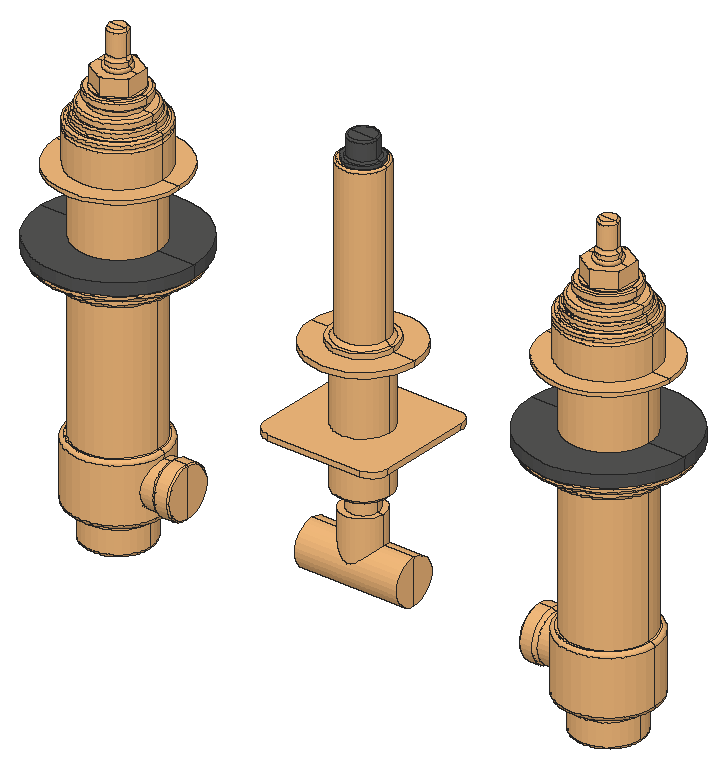
Revit family "Bath-Valves_and_Controls-KOHLER-K-301", category Plumbing Fixtures, host Face, Revit 2015 (continued)
Definition of nested family "K-301"
  Automatic sketch dimensions
    curve 88 to curve 87 = 0.09"
    curve 89 to curve 88 = 0.27"
    curve 90 to curve 89 = 0.7475"
    curve 91 to curve 89 = 0.7475"
    curve 90 to curve 90 = 0.09"
    curve 91 to curve 91 = 0.09"
    curve 92 to curve 91 = 1.474"
    level to curve 93 = 0.52061"
    curve 83 to curve 82 = 0.52322"
    curve 82 to curve 81 = 0.05672"
    curve 81 to curve 80 = 0.20956"
    curve 80 to curve 79 = 0.117"
    curve 79 to curve 78 = 0.078"
    curve 78 to curve 68 = 0.14"
    curve 72 to curve 96 = 0.01263"
    curve 74 to curve 97 = 0.07224"
    curve 95 to curve 65 = 0.01867"
    curve 97 to curve 94 = 0.04"
    curve 61 to curve 61 = 0.21261"
    curve 62 to curve 62 = 0.21261"
    level to Revolve 1 sketch curve = 0.00025"
    plane 5 to Revolve 1 sketch curve = 0"  (x2)
    Revolve 1 sketch curve to Revolve 1 sketch curve = 1/8"
    Revolve 1 sketch curve to Revolve 1 sketch curve = 0.02491"
    Revolve 1 sketch curve to Revolve 1 sketch curve = 0.01379"
    Revolve 1 sketch curve to Revolve 1 sketch curve = 0.00997"
    Revolve 1 sketch curve to Revolve 1 sketch curve = 1/256"
    Revolve 1 sketch curve to Revolve 1 sketch curve = 0.00985"
    plane 5 to Revolve 1 sketch curve = 0.29726"
    Revolve 1 sketch curve to Revolve 1 sketch curve = 0.16994"
    Revolve 1 sketch curve to Revolve 1 sketch curve = 0.02545"
    Revolve 1 sketch curve to Revolve 1 sketch curve = 0.03324"
    Revolve 1 sketch curve to Revolve 1 sketch curve = 0.03102"
    Revolve 1 sketch curve to Revolve 1 sketch curve = 0.06426"
    Revolve 1 sketch curve to Revolve 1 sketch curve = 0.02255"  (x3)
    Revolve 1 sketch curve to Revolve 1 sketch curve = 0.21085"
    Revolve 1 sketch curve to Revolve 1 sketch curve = 0.02145"
    Revolve 1 sketch curve to Revolve 1 sketch curve = 0.08718"
    Revolve 1 sketch curve to Revolve 1 sketch curve = 0.03419"
    Revolve 1 sketch curve to Revolve 1 sketch curve = 0.03338"
    Revolve 1 sketch curve to Revolve 1 sketch curve = 0.02339"
    Revolve 1 sketch curve to Revolve 1 sketch curve = 0.02455"
    Revolve 1 sketch curve to Revolve 1 sketch curve = 0.00272"
    plane 5 to Revolve 1 sketch curve = 0.65316"
    Revolve 1 sketch curve to Revolve 1 sketch curve = 0.13608"
    Revolve 1 sketch curve to Revolve 1 sketch curve = 0.03779"
    Revolve 1 sketch curve to Revolve 1 sketch curve = 0.04182"
    Revolve 1 sketch curve to Revolve 1 sketch curve = 0.02825"
    Revolve 1 sketch curve to Revolve 1 sketch curve = 0.07252"
    Revolve 1 sketch curve to Revolve 1 sketch curve = 0"  (x2)
    Revolve 1 sketch curve to Revolve 1 sketch curve = 0.01099"
    Revolve 1 sketch curve to Revolve 1 sketch curve = 0.05613"
    Revolve 1 sketch curve to Revolve 1 sketch curve = 0.16387"
    Revolve 1 sketch curve to Revolve 1 sketch curve = 0.02615"
    Revolve 1 sketch curve to Revolve 1 sketch curve = 0.02519"
    Revolve 1 sketch curve to Revolve 1 sketch curve = 0.275"
    Revolve 1 sketch curve to Revolve 1 sketch curve = 0.19707"
    Revolve 1 sketch curve to Revolve 1 sketch curve = 0.09352"
    Revolve 1 sketch curve to Revolve 1 sketch curve = 0.00137"
    Revolve 1 sketch curve to Revolve 1 sketch curve = 0.02196"
    Revolve 1 sketch curve to Revolve 1 sketch curve = 0.04274"
    Revolve 1 sketch curve to Revolve 1 sketch curve = 0.3643"
    Revolve 1 sketch curve to Revolve 1 sketch curve = 0.19012"
    Revolve 1 sketch curve to Revolve 1 sketch curve = 0.87081"
    Revolve 1 sketch curve to Revolve 1 sketch curve = 0.21866"
    Revolve 1 sketch curve to Revolve 1 sketch curve = 0.04746"
    Revolve 1 sketch curve to Revolve 1 sketch curve = 0.039"
    Revolve 1 sketch curve to Revolve 1 sketch curve = 0.06"
    Revolve 1 sketch curve to Revolve 1 sketch curve = 0.52322"
    Revolve 1 sketch curve to Revolve 1 sketch curve = 0.02836"
    Revolve 1 sketch curve to Revolve 1 sketch curve = 0.05813"
    Revolve 1 sketch curve to Revolve 1 sketch curve = 0.07006"
    Revolve 1 sketch curve to Revolve 1 sketch curve = 0.08281"
    Revolve 1 sketch curve to Revolve 1 sketch curve = 0.078"
    Revolve 1 sketch curve to Revolve 1 sketch curve = 0.11745"
    Revolve 1 sketch curve to Revolve 1 sketch curve = 0.24955"
    Revolve 1 sketch curve to Revolve 1 sketch curve = 0.02912"
    Revolve 1 sketch curve to Revolve 1 sketch curve = 0.0713"
    Revolve 1 sketch curve to Revolve 1 sketch curve = 0.03996"
    Revolve 1 sketch curve to Revolve 1 sketch curve = 0.35019"
    Revolve 1 sketch curve to Revolve 1 sketch curve = 0.04314"
    Revolve 1 sketch curve to Revolve 1 sketch curve = 0.13665"
    Revolve 2 sketch curve to plane 3 "Center (Left/Right)" = 0"  (x2)
    plane 3 "Center (Left/Right)" to Revolve 2 sketch curve = 0.23606"
    Revolve 2 sketch curve to Revolve 2 sketch curve = 0.34575"
    Revolve 2 sketch curve to Revolve 2 sketch curve = 0.0966"
    Revolve 2 sketch curve to Revolve 2 sketch curve = 0.15483"
    plane 3 "Center (Left/Right)" to Revolve 2 sketch curve = 0.43445"
    Revolve 2 sketch curve to Revolve 2 sketch curve = 0"
    Revolve 2 sketch curve to Revolve 2 sketch curve = 0.06016"  (x2)
    Revolve 2 sketch curve to Revolve 2 sketch curve = 0.06484"
    Revolve 2 sketch curve to Revolve 2 sketch curve = 0.17927"
    Revolve 2 sketch curve to Revolve 2 sketch curve = 0.345"
    Revolve 2 sketch curve to Revolve 2 sketch curve = 1.20134"
    Revolve 2 sketch curve to Revolve 2 sketch curve = 0.2388"
    Revolve 2 sketch curve to Revolve 2 sketch curve = 0.59264"
    Revolve 2 sketch curve to Revolve 2 sketch curve = 0.04356"
    Revolve 2 sketch curve to Revolve 2 sketch curve = 0.264"
    Revolve 2 sketch curve to Revolve 2 sketch curve = 0.78746"
    Revolve 2 sketch curve to Revolve 2 sketch curve = 0.22104"
    Revolve 2 sketch curve to Revolve 2 sketch curve = 0.35"
    Revolve 3 sketch curve to plane 5 = 0.53248"
    Revolve 3 sketch curve to Revolve 3 sketch curve = 0.33232"  (x2)
    Revolve 3 sketch curve to Revolve 3 sketch curve = 0.05519"  (x2)
    Revolve 3 sketch curve to Revolve 3 sketch curve = 25/128"  (x2)
    Revolve 3 sketch curve to Revolve 3 sketch curve = 0.0247"  (x2)
    Revolve 3 sketch curve to plane 3 "Center (Left/Right)" = 0.83"
    plane 3 "Center (Left/Right)" to Revolve 3 sketch curve = 0.83"
    Revolve 3 sketch curve to plane 4 = 1.14"
    level to Revolve 3 sketch curve = 1.036"
    Revolve 3 sketch curve to Revolve 3 sketch curve = 3/8"  (x2)
    Revolve 3 sketch curve to Revolve 3 sketch curve = 0.385"
    Revolve 3 sketch curve to Revolve 3 sketch curve = 0.02"  (x2)
    Revolve 3 sketch curve to Revolve 3 sketch curve = 0"  (x3)
    Extrusion 4 sketch curve to plane 3 "Center (Left/Right)" = 1"
    Extrusion 4 sketch curve to Extrusion 4 sketch curve = 1/4"  (x3)
    Extrusion 4 sketch curve to plane 7 = 1/4"
    Extrusion 4 sketch curve to plane 7 = 1/2"
    plane 3 "Center (Left/Right)" to Extrusion 4 sketch curve = 3/4"
    Extrusion 4 sketch curve to plane 6 = 1/2"
    plane 1 "Center (Front/Back)" to Extrusion 5 sketch curve = 0"  (x2)
    Extrusion 5 sketch curve to plane 5 = 0"  (x3)
    Extrusion 5 sketch curve to plane 4 = 0"  (x3)
    plane 5 to Extrusion 5 sketch curve = 0.3225"
    Extrusion 5 sketch curve to plane 5 = 0.3225"
    Extrusion 5 sketch curve to plane 4 = 0.3225"
    plane 4 to Extrusion 5 sketch curve = 0.3225"
    plane 1 "Center (Front/Back)" to Extrusion 5 sketch curve = 0.1862"  (x4)
    Extrusion 5 sketch curve to Extrusion 5 sketch curve = 0.37239"  (x2)
    Extrusion 5 sketch curve to plane 1 "Center (Front/Back)" = 0.1862"  (x4)
    Extrusion 5 sketch curve to Extrusion 5 sketch curve = 0.1862"  (x2)
    plane 5 to Revolve 6 sketch curve = 0"  (x2)
    plane 5 to Revolve 6 sketch curve = 1 1/4"
    Revolve 6 sketch curve to Revolve 6 sketch curve = 0"  (x2)
    Revolve 7 sketch curve to plane 4 = 0"  (x2)
    Revolve 7 sketch curve to plane 4 = 1 1/4"
    Revolve 7 sketch curve to Revolve 7 sketch curve = 0.19"  (x2)
    Revolve 8 sketch curve to level = 0.00025"
    Revolve 8 sketch curve to plane 4 = 0"  (x2)
    Revolve 8 sketch curve to plane 4 = 1/8"
    Revolve 8 sketch curve to Revolve 8 sketch curve = 0.02491"
    Revolve 8 sketch curve to Revolve 8 sketch curve = 0.01379"
    Revolve 8 sketch curve to Revolve 8 sketch curve = 0.00997"
    Revolve 8 sketch curve to Revolve 8 sketch curve = 1/256"
    Revolve 8 sketch curve to Revolve 8 sketch curve = 0.00985"
    Revolve 8 sketch curve to plane 4 = 0.27476"
    Revolve 8 sketch curve to Revolve 8 sketch curve = 0.16994"
    Revolve 8 sketch curve to Revolve 8 sketch curve = 0.02545"
    Revolve 8 sketch curve to Revolve 8 sketch curve = 0.03324"
    Revolve 8 sketch curve to Revolve 8 sketch curve = 0.06426"
    Revolve 8 sketch curve to Revolve 8 sketch curve = 0.03102"
    Revolve 8 sketch curve to Revolve 8 sketch curve = 0.02255"  (x3)
    Revolve 8 sketch curve to level = 0.0217"
    Revolve 8 sketch curve to Revolve 8 sketch curve = 0.23335"
    Revolve 8 sketch curve to Revolve 8 sketch curve = 0.1182"
    Revolve 8 sketch curve to Revolve 8 sketch curve = 0.03419"
    Revolve 8 sketch curve to Revolve 8 sketch curve = 0.03338"
    Revolve 8 sketch curve to Revolve 8 sketch curve = 0.02339"
    Revolve 8 sketch curve to Revolve 8 sketch curve = 0.02455"
    Revolve 8 sketch curve to plane 4 = 0.65248"
    Revolve 8 sketch curve to Revolve 8 sketch curve = 0.00069"
    Revolve 8 sketch curve to Revolve 8 sketch curve = 0.13608"
    Revolve 8 sketch curve to Revolve 8 sketch curve = 0.03779"
    Revolve 8 sketch curve to Revolve 8 sketch curve = 0.04182"
    Revolve 8 sketch curve to Revolve 8 sketch curve = 0.02825"
    Revolve 8 sketch curve to Revolve 8 sketch curve = 0.03343"
    Revolve 8 sketch curve to Revolve 8 sketch curve = 0"  (x2)
    Revolve 8 sketch curve to Revolve 8 sketch curve = 0.01099"
    Revolve 8 sketch curve to Revolve 8 sketch curve = 0.05613"
    Revolve 8 sketch curve to Revolve 8 sketch curve = 0.16387"
    Revolve 8 sketch curve to Revolve 8 sketch curve = 0.02615"
    Revolve 8 sketch curve to Revolve 8 sketch curve = 0.02519"
    Revolve 8 sketch curve to Revolve 8 sketch curve = 0.275"
    Revolve 8 sketch curve to Revolve 8 sketch curve = 0.19707"
    Revolve 8 sketch curve to Revolve 8 sketch curve = 0.09352"
    Revolve 8 sketch curve to Revolve 8 sketch curve = 0.00137"
    Revolve 8 sketch curve to Revolve 8 sketch curve = 0.02059"
    Revolve 8 sketch curve to Revolve 8 sketch curve = 0.0429"
    Revolve 8 sketch curve to Revolve 8 sketch curve = 0.3643"
    Revolve 8 sketch curve to Revolve 8 sketch curve = 0.19012"
    Revolve 8 sketch curve to Revolve 8 sketch curve = 0.87081"
    Revolve 8 sketch curve to Revolve 8 sketch curve = 0.399"
    Revolve 8 sketch curve to Revolve 8 sketch curve = 0.21866"
    Revolve 8 sketch curve to Revolve 8 sketch curve = 0.04746"
    Revolve 8 sketch curve to Revolve 8 sketch curve = 0.52322"
    Revolve 8 sketch curve to Revolve 8 sketch curve = 0.02836"
    Revolve 8 sketch curve to Revolve 8 sketch curve = 0.05813"
    Revolve 8 sketch curve to Revolve 8 sketch curve = 0.07006"
    Revolve 8 sketch curve to Revolve 8 sketch curve = 0.08281"
    Revolve 8 sketch curve to Revolve 8 sketch curve = 0.078"
    Revolve 8 sketch curve to Revolve 8 sketch curve = 0.11745"
    Revolve 8 sketch curve to Revolve 8 sketch curve = 0.24955"
    Revolve 8 sketch curve to Revolve 8 sketch curve = 0.02912"
    Revolve 8 sketch curve to Revolve 8 sketch curve = 0.0713"
    Revolve 8 sketch curve to Revolve 8 sketch curve = 0.03996"
    Revolve 8 sketch curve to Revolve 8 sketch curve = 0.35019"
    Revolve 8 sketch curve to Revolve 8 sketch curve = 0.04314"
    Revolve 8 sketch curve to Revolve 8 sketch curve = 0.13665"
    level to Masking region 1 sketch curve = 0.00025"  (x2)
    Masking region 1 sketch curve to plane 3 "Center (Left/Right)" = 0"
    Masking region 1 sketch curve to plane 3 "Center (Left/Right)" = 0.19626"
    Masking region 1 sketch curve to Masking region 1 sketch curve = 0.02313"  (x2)
    Masking region 1 sketch curve to plane 3 "Center (Left/Right)" = 0.22392"
    Masking region 1 sketch curve to Masking region 1 sketch curve = 0.02849"  (x2)
    Masking region 1 sketch curve to Masking region 1 sketch curve = 0.05259"  (x2)
    Masking region 1 sketch curve to plane 3 "Center (Left/Right)" = 0.31418"
    Masking region 1 sketch curve to Masking region 1 sketch curve = 0.04075"  (x2)
    Masking region 1 sketch curve to plane 3 "Center (Left/Right)" = 0.36"
    Masking region 1 sketch curve to plane 3 "Center (Left/Right)" = 3/8"
    Masking region 1 sketch curve to Masking region 1 sketch curve = 0.07671"  (x2)
    Masking region 1 sketch curve to Masking region 1 sketch curve = 0.05945"  (x2)
    Masking region 1 sketch curve to Masking region 1 sketch curve = 0"  (x6)
    Masking region 1 sketch curve to Masking region 1 sketch curve = 0.06016"  (x4)
    Masking region 1 sketch curve to Masking region 1 sketch curve = 0.06484"  (x2)
    Masking region 1 sketch curve to Masking region 1 sketch curve = 0.17927"  (x2)
    Masking region 1 sketch curve to Masking region 1 sketch curve = 0.47"  (x2)
    Masking region 1 sketch curve to Masking region 1 sketch curve = 0.345"  (x2)
    Masking region 1 sketch curve to Masking region 1 sketch curve = 0.38628"  (x2)
    Masking region 1 sketch curve to Masking region 1 sketch curve = 0.06909"  (x4)
    Masking region 1 sketch curve to Masking region 1 sketch curve = 0.02059"  (x2)
    Masking region 1 sketch curve to Masking region 1 sketch curve = 0.02196"  (x4)
    level to Masking region 1 sketch curve = 0.631"
    Masking region 1 sketch curve to Masking region 1 sketch curve = 0.0247"  (x4)
    Masking region 1 sketch curve to Masking region 1 sketch curve = 0.09352"  (x4)
    Masking region 1 sketch curve to plane 5 = 1.00074"
    Masking region 1 sketch curve to Masking region 1 sketch curve = 25/128"  (x4)
    Masking region 1 sketch curve to Masking region 1 sketch curve = 0.19707"  (x4)
    Masking region 1 sketch curve to Masking region 1 sketch curve = 0.05519"  (x4)
    Masking region 1 sketch curve to Masking region 1 sketch curve = 0.02519"  (x4)
    Masking region 1 sketch curve to Masking region 1 sketch curve = 0.02615"  (x4)
    Masking region 1 sketch curve to Masking region 1 sketch curve = 0.11405"  (x4)
    Masking region 1 sketch curve to Masking region 1 sketch curve = 0.26401"  (x2)
    Masking region 1 sketch curve to Masking region 1 sketch curve = 0.01099"  (x6)
    Masking region 1 sketch curve to Masking region 1 sketch curve = 0.05613"  (x3)
    Masking region 1 sketch curve to Masking region 1 sketch curve = 0.03343"  (x4)
    Masking region 1 sketch curve to Masking region 1 sketch curve = 0.05906"  (x3)
    Masking region 1 sketch curve to Masking region 1 sketch curve = 0.02825"  (x4)
    Masking region 1 sketch curve to Masking region 1 sketch curve = 0.03779"  (x4)
    Masking region 1 sketch curve to Masking region 1 sketch curve = 0.21516"  (x2)
    Masking region 1 sketch curve to Masking region 1 sketch curve = 0.04182"  (x4)
    Masking region 1 sketch curve to Masking region 1 sketch curve = 0.02455"  (x4)
    Masking region 1 sketch curve to Masking region 1 sketch curve = 0.02339"  (x4)
    Masking region 1 sketch curve to Masking region 1 sketch curve = 0.03338"  (x4)
    Masking region 1 sketch curve to Masking region 1 sketch curve = 0.03419"  (x4)
    Masking region 1 sketch curve to Masking region 1 sketch curve = 0.13608"  (x4)
    Masking region 1 sketch curve to Masking region 1 sketch curve = 0.02145"
    Masking region 1 sketch curve to Masking region 1 sketch curve = 0.06463"  (x2)
    Masking region 1 sketch curve to Masking region 1 sketch curve = 0.02255"  (x14)
    Masking region 1 sketch curve to Masking region 1 sketch curve = 0.03102"  (x4)
    Masking region 1 sketch curve to Masking region 1 sketch curve = 0.12531"  (x4)
    Masking region 1 sketch curve to Masking region 1 sketch curve = 0.13434"  (x4)
    Masking region 1 sketch curve to Masking region 1 sketch curve = 0.00985"  (x4)
    Masking region 1 sketch curve to Masking region 1 sketch curve = 1/256"  (x4)
    Masking region 1 sketch curve to Masking region 1 sketch curve = 0.00997"  (x4)
    Masking region 1 sketch curve to Masking region 1 sketch curve = 0.01379"  (x3)
    Masking region 1 sketch curve to Masking region 1 sketch curve = 0.02491"  (x3)
    plane 5 to Masking region 1 sketch curve = 0.00074"
    Masking region 1 sketch curve to Masking region 1 sketch curve = 1/8"
    plane 5 to Masking region 1 sketch curve = 0.15064"
    Masking region 1 sketch curve to Masking region 1 sketch curve = 0.09429"  (x2)
    level to Masking region 1 sketch curve = 0.0217"  (x3)
    plane 5 to Masking region 1 sketch curve = 0.50885"
    Masking region 1 sketch curve to Masking region 1 sketch curve = 0.08718"
    Masking region 1 sketch curve to Masking region 1 sketch curve = 0.00272"
    plane 5 to Masking region 1 sketch curve = 0.6539"
    Masking region 1 sketch curve to Masking region 1 sketch curve = 0.07252"
    Masking region 1 sketch curve to Masking region 1 sketch curve = 0.16313"  (x3)
    Masking region 1 sketch curve to Masking region 1 sketch curve = 0.275"  (x6)
    Masking region 1 sketch curve to Masking region 1 sketch curve = 0.00137"  (x2)
    plane 3 "Center (Left/Right)" to Masking region 1 sketch curve = 0.19626"
    plane 3 "Center (Left/Right)" to Masking region 1 sketch curve = 0.22392"
    plane 3 "Center (Left/Right)" to Masking region 1 sketch curve = 0.31418"
    plane 3 "Center (Left/Right)" to Masking region 1 sketch curve = 0.36"
    plane 3 "Center (Left/Right)" to Masking region 1 sketch curve = 3/8"
    Masking region 1 sketch curve to Masking region 1 sketch curve = 0.04356"  (x3)
    Masking region 1 sketch curve to plane 4 = 1 1/4"
    Masking region 1 sketch curve to plane 4 = 1.14"
    Masking region 1 sketch curve to plane 4 = 1.00074"
    Masking region 1 sketch curve to plane 4 = 0.15064"
    plane 4 to Masking region 1 sketch curve = 0.12574"
    plane 4 to Masking region 1 sketch curve = 0.50885"
    Masking region 1 sketch curve to Masking region 1 sketch curve = 0.1182"
    plane 4 to Masking region 1 sketch curve = 0.65321"
    plane 4 to Masking region 1 sketch curve = 0.6539"
    level to Masking region 1 sketch curve = 0.38601"  (x3)
    Masking region 1 sketch curve to Masking region 1 sketch curve = 0.24499"
    Masking region 1 sketch curve to Masking region 1 sketch curve = 0.19012"  (x3)
    Masking region 1 sketch curve to Masking region 1 sketch curve = 0.05487"
    Masking region 1 sketch curve to Masking region 1 sketch curve = 0.01912"
    Masking region 1 sketch curve to Masking region 1 sketch curve = 0.03574"  (x2)
    Masking region 1 sketch curve to Masking region 1 sketch curve = 0.02"  (x4)
    Masking region 1 sketch curve to Masking region 1 sketch curve = 0.71"  (x2)
    Masking region 1 sketch curve to Masking region 1 sketch curve = 0.75999"
    Masking region 1 sketch curve to Masking region 1 sketch curve = 0.77"
    Masking region 1 sketch curve to Masking region 1 sketch curve = 0.87081"  (x2)
    Masking region 1 sketch curve to Masking region 1 sketch curve = 0.03595"  (x2)
    Masking region 1 sketch curve to Masking region 1 sketch curve = 0.45"  (x2)
    Masking region 1 sketch curve to Masking region 1 sketch curve = 0.264"  (x2)
    Masking region 1 sketch curve to Masking region 1 sketch curve = 0.59264"  (x2)
    Masking region 1 sketch curve to Masking region 1 sketch curve = 0.2388"  (x2)
    Masking region 1 sketch curve to Masking region 1 sketch curve = 0.09"  (x4)
    Masking region 1 sketch curve to Masking region 1 sketch curve = 0.21866"  (x4)
    Masking region 1 sketch curve to Masking region 1 sketch curve = 0.04746"  (x4)
    Masking region 1 sketch curve to Masking region 1 sketch curve = 0.039"  (x2)
    Masking region 1 sketch curve to Masking region 1 sketch curve = 0.06096"  (x2)
    Masking region 1 sketch curve to Masking region 1 sketch curve = 0.52322"  (x4)
    Masking region 1 sketch curve to Masking region 1 sketch curve = 0.02836"  (x4)
    Masking region 1 sketch curve to Masking region 1 sketch curve = 0.05813"  (x4)
    Masking region 1 sketch curve to Masking region 1 sketch curve = 0.07006"  (x4)
    Masking region 1 sketch curve to Masking region 1 sketch curve = 0.08281"  (x4)
    Masking region 1 sketch curve to Masking region 1 sketch curve = 0.078"  (x4)
    Masking region 1 sketch curve to Masking region 1 sketch curve = 0.11745"  (x4)
    Masking region 1 sketch curve to Masking region 1 sketch curve = 0.02912"  (x4)
    Masking region 1 sketch curve to Masking region 1 sketch curve = 0.02925"
    Masking region 1 sketch curve to Masking region 1 sketch curve = 0.04"  (x2)
    Masking region 1 sketch curve to Masking region 1 sketch curve = 0.0713"  (x4)
    Masking region 1 sketch curve to Masking region 1 sketch curve = 0.028"  (x2)
    Masking region 1 sketch curve to Masking region 1 sketch curve = 0.03996"  (x4)
    Masking region 1 sketch curve to Masking region 1 sketch curve = 0.25886"  (x2)
    Masking region 1 sketch curve to Masking region 1 sketch curve = 0.0004"
    Masking region 1 sketch curve to Masking region 1 sketch curve = 0.35019"  (x2)
    Masking region 1 sketch curve to Masking region 1 sketch curve = 0.04314"  (x2)
    Masking region 2 sketch curve to plane 6 = 0"
    level to Masking region 2 sketch curve = 0.00025"
    Masking region 2 sketch curve to plane 1 "Center (Front/Back)" = 0"  (x2)
    Masking region 2 sketch curve to plane 7 = 0"
    Masking region 2 sketch curve to plane 6 = 0.06835"
    Masking region 2 sketch curve to Masking region 2 sketch curve = 0.02059"  (x2)
    Masking region 2 sketch curve to Masking region 2 sketch curve = 0.02196"
    Masking region 2 sketch curve to Masking region 2 sketch curve = 0.09352"
    Masking region 2 sketch curve to plane 6 = 0.24852"
    Masking region 2 sketch curve to plane 6 = 1/4"
    Masking region 2 sketch curve to Masking region 2 sketch curve = 0.19707"
    Masking region 2 sketch curve to Masking region 2 sketch curve = 0.02519"  (x2)
    Masking region 2 sketch curve to Masking region 2 sketch curve = 0.02615"  (x2)
    Masking region 2 sketch curve to plane 6 = 0.49851"
    Masking region 2 sketch curve to Masking region 2 sketch curve = 0.26401"
    Masking region 2 sketch curve to Masking region 2 sketch curve = 0.01099"  (x3)
    Masking region 2 sketch curve to Masking region 2 sketch curve = 0.05613"  (x2)
    Masking region 2 sketch curve to Masking region 2 sketch curve = 0.03343"  (x3)
    Masking region 2 sketch curve to Masking region 2 sketch curve = 0.05906"
    Masking region 2 sketch curve to Masking region 2 sketch curve = 0.02825"  (x2)
    Masking region 2 sketch curve to Masking region 2 sketch curve = 0.34536"
    Masking region 2 sketch curve to Masking region 2 sketch curve = 0"
    Masking region 2 sketch curve to Masking region 2 sketch curve = 0.07252"
    Masking region 2 sketch curve to Masking region 2 sketch curve = 0.04182"  (x2)
    Masking region 2 sketch curve to Masking region 2 sketch curve = 0.02455"  (x2)
    Masking region 2 sketch curve to Masking region 2 sketch curve = 0.02339"  (x2)
    Masking region 2 sketch curve to Masking region 2 sketch curve = 0.03338"  (x2)
    Masking region 2 sketch curve to Masking region 2 sketch curve = 0.03419"  (x2)
    Masking region 2 sketch curve to Masking region 2 sketch curve = 0.13608"  (x2)
    Masking region 2 sketch curve to Masking region 2 sketch curve = 0.02145"
    Masking region 2 sketch curve to Masking region 2 sketch curve = 0.06463"
    Masking region 2 sketch curve to Masking region 2 sketch curve = 0.02255"  (x7)
    Masking region 2 sketch curve to Masking region 2 sketch curve = 0.03102"  (x2)
    Masking region 2 sketch curve to Masking region 2 sketch curve = 19/256"
    Masking region 2 sketch curve to Masking region 2 sketch curve = 0.02961"  (x2)
    Masking region 2 sketch curve to Masking region 2 sketch curve = 0.03974"  (x2)
    Masking region 2 sketch curve to Masking region 2 sketch curve = 0.05116"
    Masking region 2 sketch curve to Masking region 2 sketch curve = 0.02995"
    plane 1 "Center (Front/Back)" to Masking region 2 sketch curve = 0.21938"
    Masking region 2 sketch curve to Masking region 2 sketch curve = 0.02321"  (x2)
    Masking region 2 sketch curve to Masking region 2 sketch curve = 0.04627"  (x2)
    Masking region 2 sketch curve to Masking region 2 sketch curve = 3/128"
    Masking region 2 sketch curve to plane 1 "Center (Front/Back)" = 1/8"
    Masking region 2 sketch curve to Masking region 2 sketch curve = 0.02491"
    Masking region 2 sketch curve to plane 1 "Center (Front/Back)" = 0.22395"
    Masking region 2 sketch curve to Masking region 2 sketch curve = 0.02597"
    Masking region 2 sketch curve to Masking region 2 sketch curve = 0.05507"
    Masking region 2 sketch curve to Masking region 2 sketch curve = 0.04171"
    Masking region 2 sketch curve to Masking region 2 sketch curve = 0.07273"
    level to Masking region 2 sketch curve = 0.0217"
    Masking region 2 sketch curve to plane 1 "Center (Front/Back)" = 0.50811"
    Masking region 2 sketch curve to Masking region 2 sketch curve = 0.1182"
    Masking region 2 sketch curve to Masking region 2 sketch curve = 0.59752"
    Masking region 2 sketch curve to plane 7 = 0.59684"
    Masking region 2 sketch curve to Masking region 2 sketch curve = 0.00069"
    Masking region 2 sketch curve to Masking region 2 sketch curve = 0.03779"
    Masking region 2 sketch curve to Masking region 2 sketch curve = 0.16313"
    Masking region 2 sketch curve to plane 7 = 1/4"  (x2)
    Masking region 2 sketch curve to plane 7 = 0.1853"
    Masking region 2 sketch curve to plane 7 = 0.09178"
    Masking region 2 sketch curve to Masking region 2 sketch curve = 0.00137"
    level to Masking region 2 sketch curve = 0.38601"
    Masking region 2 sketch curve to Masking region 2 sketch curve = 0.3643"
    Masking region 2 sketch curve to Masking region 2 sketch curve = 0.19012"  (x2)
    Masking region 2 sketch curve to Masking region 2 sketch curve = 0.87081"  (x2)
    Masking region 2 sketch curve to Masking region 2 sketch curve = 1.474"  (x2)
    Masking region 2 sketch curve to Masking region 2 sketch curve = 0.09"  (x2)
    Masking region 2 sketch curve to Masking region 2 sketch curve = 0.21866"  (x2)
    Masking region 2 sketch curve to Masking region 2 sketch curve = 0.04746"  (x2)
    Masking region 2 sketch curve to Masking region 2 sketch curve = 0.06096"  (x2)
    Masking region 2 sketch curve to Masking region 2 sketch curve = 0.52322"  (x2)
    Masking region 2 sketch curve to Masking region 2 sketch curve = 0.02836"  (x2)
    Masking region 2 sketch curve to Masking region 2 sketch curve = 0.05813"  (x2)
    Masking region 2 sketch curve to Masking region 2 sketch curve = 0.07006"  (x2)
    Masking region 2 sketch curve to Masking region 2 sketch curve = 0.08281"  (x2)
    Masking region 2 sketch curve to Masking region 2 sketch curve = 0.078"  (x2)
    Masking region 2 sketch curve to Masking region 2 sketch curve = 0.11745"  (x2)
    Masking region 2 sketch curve to Masking region 2 sketch curve = 0.31764"  (x2)
    Masking region 2 sketch curve to Masking region 2 sketch curve = 0.04"  (x2)
    Masking region 2 sketch curve to Masking region 2 sketch curve = 0.02553"
    Masking region 2 sketch curve to Masking region 2 sketch curve = 0.02943"
    Masking region 2 sketch curve to Masking region 2 sketch curve = 0.2613"
    Masking region 2 sketch curve to Masking region 2 sketch curve = 0.25739"
    Masking region 2 sketch curve to Masking region 2 sketch curve = 0.00041"  (x2)
    Masking region 2 sketch curve to Masking region 2 sketch curve = 0.13758"
    Masking region 2 sketch curve to Masking region 2 sketch curve = 0.14013"
    Masking region 2 sketch curve to Masking region 2 sketch curve = 0.04314"
    plane 1 "Center (Front/Back)" to Masking region 3 sketch curve = 0"  (x3)
    Masking region 3 sketch curve to plane 5 = 0"
    Masking region 3 sketch curve to plane 3 "Center (Left/Right)" = 0"
    Masking region 3 sketch curve to plane 4 = 0"
    level to Revolve 9 sketch curve = 0.00025"
    plane 5 to Revolve 9 sketch curve = 0"  (x2)
    Revolve 9 sketch curve to Revolve 9 sketch curve = 0.18742"
    plane 5 to Revolve 9 sketch curve = 0.65248"
    Revolve 9 sketch curve to Revolve 9 sketch curve = 0.53758"
    plane 5 to Revolve 9 sketch curve = 0.74691"
    Revolve 9 sketch curve to Revolve 9 sketch curve = 0.275"
    Revolve 9 sketch curve to Revolve 9 sketch curve = 0.50309"
    Revolve 9 sketch curve to Revolve 9 sketch curve = 1.39994"
    Revolve 9 sketch curve to Revolve 9 sketch curve = 0.603"
    Revolve 9 sketch curve to Revolve 9 sketch curve = 0.20967"
    Revolve 9 sketch curve to Revolve 9 sketch curve = 0"
    Revolve 10 sketch curve to level = 0.00025"
    Revolve 10 sketch curve to plane 4 = 0"  (x2)
    Revolve 10 sketch curve to plane 4 = 0.18742"
    Revolve 10 sketch curve to plane 4 = 0.65248"
    Revolve 10 sketch curve to Revolve 10 sketch curve = 0.53758"
    Revolve 10 sketch curve to Revolve 10 sketch curve = 0.74691"
    Revolve 10 sketch curve to Revolve 10 sketch curve = 0.275"
    Revolve 10 sketch curve to Revolve 10 sketch curve = 0.50309"
    Revolve 10 sketch curve to Revolve 10 sketch curve = 1.3995"
    Revolve 10 sketch curve to Revolve 10 sketch curve = 0.603"
    Revolve 10 sketch curve to Revolve 10 sketch curve = 0.20967"
    Revolve 10 sketch curve to Revolve 10 sketch curve = 0"
    Revolve 11 sketch curve to plane 3 "Center (Left/Right)" = 0"  (x2)
    plane 3 "Center (Left/Right)" to Revolve 11 sketch curve = 3/8"
    plane 3 "Center (Left/Right)" to Revolve 11 sketch curve = 0.31727"
    Revolve 11 sketch curve to Revolve 11 sketch curve = 0.05945"
    Revolve 11 sketch curve to Revolve 11 sketch curve = 0.41055"
    Revolve 11 sketch curve to Revolve 11 sketch curve = 0.68273"
    Revolve 11 sketch curve to Revolve 11 sketch curve = 1.1715"
    Revolve 11 sketch curve to Revolve 11 sketch curve = 0.3288"
    level to Revolve 11 sketch curve = 1.05354"
    Revolve 11 sketch curve to Revolve 11 sketch curve = 1/2"
    Revolve 11 sketch curve to Revolve 11 sketch curve = 0"
    Revolve 12 sketch curve to plane 5 = 0.3225"
    Revolve 12 sketch curve to plane 4 = 0.41647"
    Revolve 12 sketch curve to Revolve 12 sketch curve = 0"  (x5)
    Revolve 12 sketch curve to Revolve 12 sketch curve = 0.8175"
    curve 93 to curve 92 = 0.98539"
    curve 88 to curve 85 = 0.319"
    Revolve 2 sketch curve to Revolve 2 sketch curve = 0.075"
    Revolve 2 sketch curve to Revolve 2 sketch curve = 0.09"
    Revolve 6 sketch curve to Revolve 6 sketch curve = 0.19"
    Revolve 7 sketch curve to Revolve 7 sketch curve = 0.06"
    Masking region 1 sketch curve to Masking region 1 sketch curve = 0.19"  (x2)
    Masking region 1 sketch curve to Masking region 1 sketch curve = 0.075"  (x2)
    Masking region 1 sketch curve to Masking region 1 sketch curve = 0.319"  (x2)
    Masking region 2 sketch curve to Masking region 2 sketch curve = 0.7475"  (x2)
    Masking region 2 sketch curve to Masking region 2 sketch curve = 0.319"  (x2)
    Revolve 9 sketch curve to Revolve 9 sketch curve = 0.589"
    Revolve 10 sketch curve to Revolve 10 sketch curve = 0.589"
    Revolve 11 sketch curve to Revolve 11 sketch curve = 1.68766"
    Revolve 11 sketch curve to Revolve 11 sketch curve = 0.165"
    curve 76 to plane 8 = 0.62126"
    curve 85 to curve 84 = 1"
    curve 84 to curve 83 = 0.06"
    Revolve 1 sketch curve to plane 8 = 0"
    Revolve 1 sketch curve to Revolve 1 sketch curve = 1.589"
    level to Revolve 2 sketch curve = 1.05354"
    Revolve 6 sketch curve to plane 8 = 3.2525"
    plane 8 to Revolve 7 sketch curve = 3.2525"
    Revolve 8 sketch curve to plane 8 = 0"
    Revolve 8 sketch curve to Revolve 8 sketch curve = 1.649"
    Revolve 8 sketch curve to Revolve 8 sketch curve = 0.06"
    Masking region 1 sketch curve to plane 8 = 0"  (x2)
    Masking region 1 sketch curve to Masking region 1 sketch curve = 1.649"  (x2)
    Masking region 1 sketch curve to Masking region 1 sketch curve = 0.22516"
    Masking region 1 sketch curve to Masking region 1 sketch curve = 0.06"  (x4)
    Masking region 1 sketch curve to Masking region 1 sketch curve = 1"  (x2)
    Masking region 1 sketch curve to plane 8 = 0.56001"
    Masking region 2 sketch curve to plane 8 = 0"
    Masking region 2 sketch curve to Masking region 2 sketch curve = 1"
    Masking region 2 sketch curve to Masking region 2 sketch curve = 0.06"  (x2)
    Revolve 9 sketch curve to plane 8 = 0"
    Revolve 9 sketch curve to Revolve 9 sketch curve = 1.64856"
    Revolve 9 sketch curve to Revolve 9 sketch curve = 0.05956"
    Revolve 10 sketch curve to plane 8 = 0"
    Revolve 10 sketch curve to Revolve 10 sketch curve = 1.649"
    Revolve 10 sketch curve to Revolve 10 sketch curve = 0.06"
    Revolve 11 sketch curve to plane 8 = 0.18076"
    Revolve 13 sketch curve to plane 3 "Center (Left/Right)" = 0"  (x2)
    plane 3 "Center (Left/Right)" to Revolve 13 sketch curve = 0.19626"
    Revolve 13 sketch curve to Revolve 13 sketch curve = 0.02313"
    plane 3 "Center (Left/Right)" to Revolve 13 sketch curve = 0.22392"
    Revolve 13 sketch curve to Revolve 13 sketch curve = 0.02849"
    Revolve 13 sketch curve to Revolve 13 sketch curve = 0.05259"
    Revolve 13 sketch curve to plane 8 = 145/256"
    Revolve 13 sketch curve to Revolve 13 sketch curve = 0.07563"
    Revolve 13 sketch curve to Revolve 13 sketch curve = 0.028"
    Revolve 13 sketch curve to plane 8 = 0.20389"
    Revolve 13 sketch curve to Revolve 13 sketch curve = 0.0004"
    Revolve 13 sketch curve to Revolve 13 sketch curve = 0.03563"
    Revolve 13 sketch curve to Revolve 13 sketch curve = 0"
    Revolve 2 sketch curve to plane 8 = 0.53076"
    Revolve 2 sketch curve to Revolve 2 sketch curve = 3/8"
    Masking region 1 sketch curve to Masking region 1 sketch curve = 0.74997"
    Masking region 1 sketch curve to Masking region 1 sketch curve = 0.03001"
    Masking region 1 sketch curve to plane 5 = 0.50885"
    Masking region 1 sketch curve to plane 10 = 0"
    plane 11 to Masking region 1 sketch curve = 0.68075"
    Revolve 3 sketch curve to Revolve 3 sketch curve = 0.355"
    plane 11 to Revolve 3 sketch curve = 1.03575"  (x2)
    Revolve 3 sketch curve to Revolve 3 sketch curve = 0.01001"
    Revolve 12 sketch curve to plane 3 "Center (Left/Right)" = 0.83"
    plane 3 "Center (Left/Right)" to Revolve 12 sketch curve = 0.83"
    Revolve 12 sketch curve to Revolve 12 sketch curve = 0.72353"
    plane 11 to Revolve 12 sketch curve = 1.03575"
    Revolve 12 sketch curve to Revolve 12 sketch curve = 47/128"
    Revolve 12 sketch curve to Revolve 12 sketch curve = 13/32"  (x2)
    curve 13 to plane 10 = 0"
    curve 12 to plane 9 = 0"
    curve 36 to plane 10 = 0"
    curve 135 to plane 3 "Center (Left/Right)" = 0"
    curve 130 to plane 3 "Center (Left/Right)" = 0"
    curve 49 to plane 10 = 0"
    curve 48 to plane 9 = 0"
    curve 129 to curve 130 = 3/4"
    curve 134 to curve 130 = 0.40636"
    plane 3 "Center (Left/Right)" to curve 131 = 1.15636"
    curve 134 to plane 10 = 1.58083"
    curve 133 to plane 10 = 1.58083"
    curve 131 to curve 131 = 1"
    curve 132 to curve 132 = 1"
    curve 130 to curve 135 = 0.88617"
    curve 35 to plane 3 "Center (Left/Right)" = 0.25241"
    curve 34 to curve 35 = 0.05259"
    curve 25 to plane 3 "Center (Left/Right)" = 0.31418"
    curve 26 to curve 25 = 0"
    curve 36 to plane 3 "Center (Left/Right)" = 3/8"
    curve 27 to curve 26 = 0.09541"
    curve 31 to curve 36 = 0.05945"
    curve 28 to plane 3 "Center (Left/Right)" = 0.43445"
    curve 30 to curve 28 = 0"  (x2)
    curve 32 to curve 36 = 0.06016"
    curve 33 to curve 32 = 0.06484"
    curve 29 to curve 30 = 0.17927"
    curve 15 to plane 10 = 0.229"
    curve 15 to plane 5 = 1.06544"
    curve 14 to curve 15 = 0.00074"
    curve 22 to plane 5 = 0.92"
    curve 17 to curve 15 = 0.19707"
    curve 21 to curve 22 = 0.16925"
    plane 9 to curve 11 = 0.06"
    curve 11 to plane 5 = 0.72574"
    curve 9 to curve 11 = 0"
    curve 10 to curve 9 = 0.00074"
    curve 23 to curve 21 = 0.06438"
    curve 13 to curve 17 = 0.21516"
    curve 12 to curve 11 = 0.07252"
    curve 16 to curve 17 = 0.21521"
    curve 20 to curve 21 = 0.09759"
    curve 8 to curve 9 = 0.15656"
    curve 24 to curve 23 = 0.15608"
    curve 6 to curve 8 = 0.15238"
    curve 6 to curve 7 = 0"  (x2)
    curve 5 to curve 6 = 0.09429"
    curve 19 to plane 5 = 0.31919"
    curve 4 to plane 5 = 0.18816"
    curve 3 to curve 4 = 0.01376"
    curve 2 to curve 3 = 0.00074"
    curve 1 to curve 2 = 0.02302"
    plane 5 to curve 1 = 0.14991"
    curve 2 to curve 1 = 0.02375"
    curve 3 to curve 2 = 0.00074"
    curve 4 to curve 3 = 0.01302"
    plane 5 to curve 18 = 0.31919"
    curve 5 to curve 4 = 0.13508"
    curve 6 to curve 5 = 0.09429"
    plane 5 to curve 24 = 0.5303"
    curve 8 to curve 7 = 0.15164"
    plane 5 to curve 12 = 0.65321"
    curve 13 to curve 18 = 0.33402"
    curve 16 to curve 18 = 0.33471"
    plane 5 to curve 20 = 0.6539"
    curve 23 to curve 24 = 0.15608"
    curve 10 to curve 8 = 0.15656"
    curve 9 to curve 10 = 0"
    curve 11 to curve 12 = 0.07252"
    curve 17 to curve 16 = 0.21447"
    curve 15 to curve 17 = 0.19707"
    curve 14 to curve 15 = 0"
    plane 3 "Center (Left/Right)" to curve 35 = 0.25241"
    curve 35 to curve 34 = 0.05259"
    plane 3 "Center (Left/Right)" to curve 25 = 0.31418"
    curve 26 to curve 27 = 0.09541"
    plane 3 "Center (Left/Right)" to curve 36 = 3/8"
    plane 3 "Center (Left/Right)" to curve 28 = 0.43445"
    curve 36 to curve 31 = 0.05945"
    curve 36 to curve 32 = 0.06016"
    curve 32 to curve 33 = 0.06484"
    curve 30 to curve 29 = 0.17927"
    curve 51 to plane 10 = 0.229"
    curve 51 to plane 4 = 1.06618"
    curve 51 to curve 50 = 0.00074"
    curve 58 to plane 4 = 0.92"
    curve 51 to curve 53 = 0.19707"
    curve 58 to curve 57 = 0.16925"
    curve 45 to plane 4 = 0.72574"
    plane 9 to curve 47 = 0.06"
    curve 45 to curve 47 = 0"
    curve 45 to curve 46 = 0.00074"
    curve 57 to curve 59 = 0.06438"
    curve 53 to curve 49 = 0.21516"
    curve 53 to curve 52 = 0.21521"
    curve 47 to curve 48 = 0.07252"
    curve 57 to curve 56 = 0.09759"
    curve 45 to curve 44 = 0.15656"
    curve 59 to curve 60 = 0.15608"
    curve 44 to curve 42 = 0.15238"
    curve 42 to curve 43 = 0"  (x2)
    curve 42 to curve 41 = 0.09429"
    curve 55 to plane 4 = 0.31993"
    curve 40 to plane 4 = 0.18816"
    curve 40 to curve 39 = 0.01376"
    curve 39 to curve 38 = 0.00074"
    curve 38 to curve 37 = 0.02302"
    plane 4 to curve 37 = 0.14991"
    curve 37 to curve 38 = 0.02375"
    curve 38 to curve 39 = 0.00074"
    curve 39 to curve 40 = 0.01302"
    plane 4 to curve 54 = 0.31845"
    curve 40 to curve 41 = 0.13508"
    curve 41 to curve 43 = 0.09429"
    plane 4 to curve 60 = 0.5303"
    curve 43 to curve 44 = 0.15164"
    curve 54 to curve 49 = 0.33402"
    curve 54 to curve 52 = 0.33471"
    plane 4 to curve 48 = 0.65321"
    plane 4 to curve 56 = 0.6539"
    curve 60 to curve 59 = 0.15608"
    curve 44 to curve 46 = 0.15656"
    curve 45 to curve 46 = 0"
    curve 48 to curve 47 = 0.07252"
    curve 52 to curve 53 = 0.21447"
    curve 53 to curve 51 = 0.19707"
    curve 50 to curve 51 = 0"
    curve 32 to plane 10 = 0.06016"
    curve 33 to curve 32 = 0.075"
    curve 15 to curve 14 = 0.039"
    curve 51 to curve 50 = 0.039"
    curve 31 to curve 33 = 0.09"
    curve 53 to curve 51 = 0.09"
    curve 17 to curve 15 = 0.09"
    curve 16 to curve 17 = 0.27"
    curve 55 to curve 55 = 0.27"
    curve 132 to curve 30 = 0.24433"
    curve 29 to curve 30 = 0.09"
    curve 28 to curve 29 = 0.2388"
    curve 26 to curve 27 = 0.04356"
    curve 25 to curve 26 = 0.264"
    plane 11 to curve 56 = 1.50575"
    plane 11 to curve 20 = 1.50575"
    curve 22 to curve 20 = 0.065"
    curve 58 to curve 56 = 0.065"
    curve 21 to curve 20 = 0.09501"
    curve 57 to curve 56 = 0.09501"
    plane 11 to curve 57 = 0.66076"
    plane 11 to curve 21 = 0.66076"
    curve 22 to curve 21 = 0.03001"
    curve 58 to curve 57 = 0.03001"
    curve 59 to curve 57 = 0.1404"
    plane 11 to curve 23 = 0.52036"
    curve 24 to curve 23 = 0.1346"
    curve 60 to curve 59 = 0.1346"
    curve 47 to curve 46 = 0.52322"
    curve 11 to curve 10 = 0.52322"
    curve 46 to curve 45 = 0.05672"
    curve 10 to curve 9 = 0.05672"
    curve 9 to curve 8 = 0.20956"
    curve 45 to curve 44 = 0.20956"
    curve 8 to curve 7 = 0.117"
    curve 44 to curve 43 = 0.117"
    curve 43 to curve 42 = 0.078"
    curve 7 to curve 6 = 0.078"
    curve 6 to curve 5 = 0.14"
    curve 42 to curve 41 = 0.14"
    curve 41 to curve 40 = 0.275"
    curve 5 to curve 4 = 0.275"
    curve 4 to curve 3 = 0.05961"
    curve 40 to curve 39 = 0.05961"
    curve 34 to plane 8 = 0.53076"
    curve 34 to curve 35 = 0.04"
    curve 3 to curve 2 = 0.0713"
    curve 39 to curve 38 = 0.0713"
    curve 38 to curve 37 = 0.07876"
    curve 2 to curve 1 = 0.07876"
    radius of curve 98 = 3/4"
    radius of curve 99 = 0.56844"
    radius of curve 100 = 0.6277"
    radius of curve 101 = 0.46962"
    radius of curve 102 = 0.44707"
    radius of curve 103 = 49/128"
    radius of curve 110 = 0.18742"
    radius of curve 111 = 0.14991"
    radius of curve 112 = 1/8"
    radius of curve 113 = 3/4"
    radius of curve 114 = 0.56844"
    radius of curve 115 = 0.6277"
    radius of curve 116 = 0.46962"
    radius of curve 117 = 0.44707"
    radius of curve 118 = 49/128"
    radius of curve 125 = 0.18742"
    radius of curve 126 = 0.14991"
    radius of curve 127 = 1/8"
    radius of curve 128 = 0.22679"
    radius of Extrusion 5 sketch curve = 0.46962"  (x2)
    radius of Masking region 3 sketch curve = 1"  (x2)
    radius of Masking region 3 sketch curve = 3/8"
